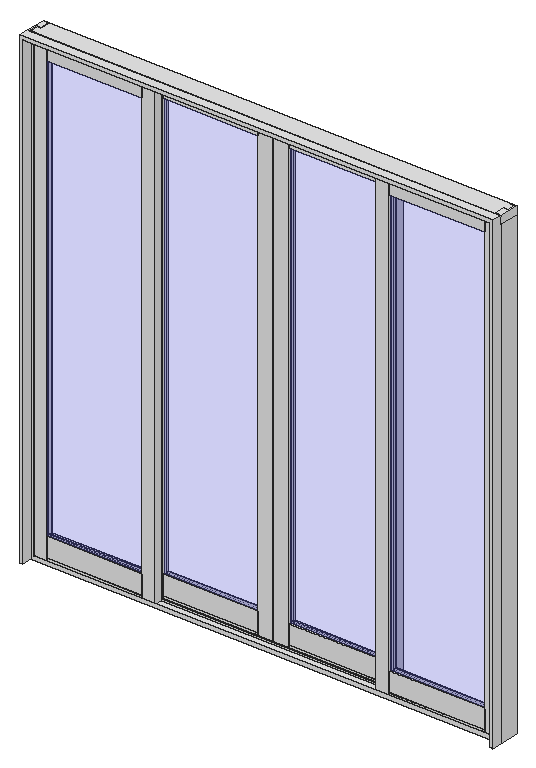
Revit family "Door-Sliding-All_Weather-Series_8100-Bi-Parting", category Doors, host Wall, Revit 2026 (continued)
Definition of nested family "Detail-All_Weather-Series_8100_Footer"
  Lines and regions (in)
    Masking region 14, in view "Ref. Level", visible <- "4 Track", detail levels medium+fine
      outline origin (6.06606, 0, 0) x (1, 0, 0) y (0, 1, 0)
        loop
          line (-0.93084, 1.89919) -> (-1.42083, 1.93387) -> (-1.42083, 2.15352) -> (-1.32145, 2.15352) -> (-1.32145, 2.26245) -> (-1.36115, 2.26245) -> (-1.36115, 2.21514) -> (-1.41085, 2.21514) -> (-1.41085, 2.4338) -> (-1.36115, 2.4338) -> (-1.36115, 2.38649) -> (-1.32145, 2.38649) -> (-1.32145, 2.49542) -> (-1.48047, 2.49542) -> (-1.48047, 2.09588) -> (-1.51292, 2.09588) -> (-1.52812, 2.14557) -> (-1.55998, 2.14557) -> (-1.55998, 2.0673)
          arc (-1.55998, 2.0673) -> (-1.55088, 2.04534) -> (-1.52892, 2.03624) r 0.03106
          line (-1.52892, 2.03624) -> (-1.48047, 2.03624) -> (-1.48047, 1.78106) -> (-1.43135, 1.78106) -> (-1.43135, 1.87424) -> (-1.37114, 1.87424) -> (-1.37114, 1.75) -> (-1.29163, 1.75) -> (-1.29163, 1.85498) -> (-0.94735, 1.83061) -> (-0.87419, 1.75) -> (-0.60646, 1.75) -> (-0.60646, 1.85004)
          arc (-0.60646, 1.85004) -> (-0.61686, 1.87036) -> (-0.63943, 1.87378) r 0.02503
          line (-0.63943, 1.87378) -> (-0.68569, 1.82752) -> (-0.74199, 1.82752)
          arc (-0.74199, 1.82752) -> (-0.76378, 1.83655) -> (-0.7728, 1.85833) r 0.03081
          line (-0.7728, 1.85833) -> (-0.7728, 2.04022)
          arc (-0.7728, 2.04022) -> (-0.76378, 2.062) -> (-0.74199, 2.07103) r 0.03081
          line (-0.74199, 2.07103) -> (-0.68569, 2.07103) -> (-0.64568, 2.03102)
          arc (-0.64568, 2.03102) -> (-0.61981, 2.02902) -> (-0.60627, 2.05115) r 0.02485
          line (-0.60627, 2.05115) -> (-0.60627, 2.18197) -> (-0.64593, 2.12532) -> (-0.69871, 2.12532) -> (-0.72313, 2.14973) -> (-0.72313, 2.37497) -> (-0.67417, 2.34069) -> (-0.67417, 2.39707) -> (-0.72311, 2.49542) -> (-0.89209, 2.49542) -> (-0.89209, 2.38649) -> (-0.85234, 2.38649) -> (-0.85234, 2.4338) -> (-0.80264, 2.4338)
        loop
          line (-0.16126, 2.4338) -> (-0.11157, 2.4338) -> (-0.11157, 2.38649) -> (-0.07181, 2.38649) -> (-0.07181, 2.49542) -> (-0.2408, 2.49542) -> (-0.28973, 2.39707) -> (-0.28973, 2.34069) -> (-0.24077, 2.37497) -> (-0.24077, 2.14973) -> (-0.26519, 2.12532) -> (-0.31797, 2.12532) -> (-0.35764, 2.18197) -> (-0.35764, 2.05115)
          arc (-0.35764, 2.05115) -> (-0.34409, 2.02902) -> (-0.31823, 2.03102) r 0.02485
          line (-0.31823, 2.03102) -> (-0.27822, 2.07103) -> (-0.22191, 2.07103)
          arc (-0.22191, 2.07103) -> (-0.20013, 2.062) -> (-0.1911, 2.04022) r 0.03081
          line (-0.1911, 2.04022) -> (-0.1911, 1.85833)
          arc (-0.1911, 1.85833) -> (-0.20013, 1.83655) -> (-0.22191, 1.82752) r 0.03081
          line (-0.22191, 1.82752) -> (-0.27822, 1.82752) -> (-0.32447, 1.87378)
          arc (-0.32447, 1.87378) -> (-0.34704, 1.87036) -> (-0.35745, 1.85004) r 0.02503
          line (-0.35745, 1.85004) -> (-0.35745, 1.75) -> (-0.08971, 1.75) -> (-0.01645, 1.83073) -> (0.33638, 1.86225) -> (0.33638, 1.75) -> (0.41589, 1.75) -> (0.41589, 1.87424) -> (0.46745, 1.87424) -> (0.46745, 1.78106) -> (0.51656, 1.78106) -> (0.51656, 1.93387) -> (0.41589, 1.93387) -> (0.41589, 2.15534) -> (0.47199, 2.15534) -> (0.48422, 2.10564) -> (0.51528, 2.10564) -> (0.51528, 2.49542) -> (0.35754, 2.49542) -> (0.35754, 2.38649) -> (0.39725, 2.38649) -> (0.39725, 2.4338) -> (0.44694, 2.4338) -> (0.44694, 2.21514) -> (0.39725, 2.21514) -> (0.39725, 2.26245) -> (0.35754, 2.26245) -> (0.35754, 1.93399) -> (-0.03315, 1.89908)
          arc (-0.03315, 1.89908) -> (-0.1626, 1.94048) -> (-0.03975, 1.99861) r 0.07305
          arc (-0.03975, 1.99861) -> (0.00239, 1.99997) -> (0.00103, 2.04212) r 0.02982
          arc (0.00103, 2.04212) -> (-0.04092, 2.0687) -> (-0.08971, 2.078) r 0.13269
          line (-0.08971, 2.078) -> (-0.08971, 2.14386) -> (-0.07181, 2.16942) -> (-0.07181, 2.26245) -> (-0.11157, 2.26245) -> (-0.11157, 2.21514) -> (-0.16126, 2.21514) -> (-0.16126, 2.4338)
    Masking region 15, in view "Ref. Level", visible <- "4 Track", detail levels fine
      outline origin (6.06749, 0, 0) x (1, 0, 0) y (0, 1, 0)
        loop
          line (-1.36155, 2.36305) -> (-1.36155, 2.4338) -> (-1.41125, 2.4338) -> (-1.41125, 2.21514) -> (-1.36155, 2.21514) -> (-1.36155, 2.28404) -> (-1.22601, 2.27665) -> (-1.22601, 2.3706) -> (-1.36155, 2.36305)
        loop
          line (0.39458, 2.36305) -> (0.25904, 2.3706) -> (0.25904, 2.27665) -> (0.39458, 2.28404) -> (0.39458, 2.21514) -> (0.44427, 2.21514) -> (0.44427, 2.4338) -> (0.39458, 2.4338) -> (0.39458, 2.36305)
    Masking region 16, in view "Ref. Level", visible <- "4 Track", detail levels fine
      outline origin (6.06606, 0, 0) x (1, 0, 0) y (0, 1, 0)
        loop
          line (-4.60627, 2.12834) -> (-4.60627, 2.05115)
          arc (-4.60627, 2.05115) -> (-4.61981, 2.02902) -> (-4.64568, 2.03102) r 0.02485
          line (-4.64568, 2.03102) -> (-4.68569, 2.07103) -> (-4.74199, 2.07103)
          arc (-4.74199, 2.07103) -> (-4.76378, 2.062) -> (-4.7728, 2.04022) r 0.03081
          line (-4.7728, 2.04022) -> (-4.7728, 1.85833)
          arc (-4.7728, 1.85833) -> (-4.76378, 1.83655) -> (-4.74199, 1.82752) r 0.03081
          line (-4.74199, 1.82752) -> (-4.68569, 1.82752) -> (-4.64568, 1.86753)
          arc (-4.64568, 1.86753) -> (-4.61981, 1.86953) -> (-4.60627, 1.8474) r 0.02485
          line (-4.60627, 1.8474) -> (-4.60627, 1.81581) -> (-4.35764, 1.81581) -> (-4.35764, 1.8474)
          arc (-4.35764, 1.8474) -> (-4.34409, 1.86953) -> (-4.31823, 1.86753) r 0.02485
          line (-4.31823, 1.86753) -> (-4.27822, 1.82752) -> (-4.22191, 1.82752)
          arc (-4.22191, 1.82752) -> (-4.20013, 1.83655) -> (-4.1911, 1.85833) r 0.03081
          line (-4.1911, 1.85833) -> (-4.1911, 2.04022)
          arc (-4.1911, 2.04022) -> (-4.20013, 2.062) -> (-4.22191, 2.07103) r 0.03081
          line (-4.22191, 2.07103) -> (-4.27822, 2.07103) -> (-4.31823, 2.03102)
          arc (-4.31823, 2.03102) -> (-4.34409, 2.02902) -> (-4.35764, 2.05115) r 0.02485
          line (-4.35764, 2.05115) -> (-4.35764, 2.12834) -> (-4.60627, 2.12834)
    Masking region 17, in view "Ref. Level", visible <- "4 Track", detail levels fine
      outline origin (6.06606, 0, 0) x (1, 0, 0) y (0, 1, 0)
        loop
          line (-4.30086, 2.2299) -> (-4.30086, 2.40314) -> (-4.37824, 2.53225) -> (-4.37824, 2.57578)
          arc (-4.37824, 2.57578) -> (-4.4826, 2.68014) -> (-4.58695, 2.57578) r 0.10436
          line (-4.58695, 2.57578) -> (-4.58695, 2.53225) -> (-4.66423, 2.40314) -> (-4.66423, 2.2299) -> (-4.70088, 2.2299) -> (-4.70088, 2.1592)
          arc (-4.70088, 2.1592) -> (-4.66765, 2.12596) -> (-4.63441, 2.1592) r 0.03323
          line (-4.63441, 2.1592) -> (-4.63441, 2.39229) -> (-4.55714, 2.5214) -> (-4.55714, 2.57578)
          arc (-4.55714, 2.57578) -> (-4.4826, 2.65032) -> (-4.40805, 2.57578) r 0.07454
          line (-4.40805, 2.57578) -> (-4.40805, 2.5214) -> (-4.33078, 2.39229) -> (-4.33078, 2.1592)
          arc (-4.33078, 2.1592) -> (-4.29754, 2.12596) -> (-4.26431, 2.1592) r 0.03323
          line (-4.26431, 2.1592) -> (-4.26431, 2.2299) -> (-4.30086, 2.2299)
  Dimensions and locks (in)
    "Height": plane 3 "Top" to plane 1 "Center (Front/Back)"
    "Thickness": plane 4 "Front" to plane 5
    Masking region 3 sketch curve to Masking region 3 sketch curve to Masking region 3 sketch curve to Masking region 3 sketch curve to Masking region 3 sketch curve to Masking region 3 sketch curve to Masking region 3 sketch curve to Masking region 3 sketch curve = 0' - 0.04969" locked, 0' - 0" locked, 0' - 0.13554" locked, 0' - 1.48505" locked, 0' - 0.13554" locked, 0' - 0" locked, 0' - 0.04969" locked
    plane 3 "Top" to Masking region 3 sketch curve to Masking region 3 sketch curve to Masking region 3 sketch curve to Masking region 3 sketch curve to Masking region 3 sketch curve to Masking region 3 sketch curve to Masking region 3 sketch curve to Masking region 3 sketch curve to Masking region 3 sketch curve to Masking region 3 sketch curve to Masking region 3 sketch curve to Masking region 3 sketch curve = 0' - 0.0662" locked, 0' - 0" locked, 0' - 0.06321" locked, 0' - 0" locked, 0' - 0.00755" locked, 0' - 0" locked, 0' - 0.07901" locked, 0' - 0" locked, 0' - 0.00739" locked, 0' - 0" locked, 0' - 0.06151" locked, 0' - 0" locked
    locked: plane 6 to plane 5 at 1
    Masking region 1 sketch curve to Masking region 1 sketch curve to Masking region 1 sketch curve to plane 4 "Front" to Masking region 1 sketch curve to Masking region 1 sketch curve to Masking region 1 sketch curve to Masking region 1 sketch curve to Masking region 1 sketch curve to Masking region 1 sketch curve to Masking region 1 sketch curve to Masking region 1 sketch curve to Masking region 1 sketch curve to Masking region 1 sketch curve to Masking region 1 sketch curve to Masking region 1 sketch curve to Masking region 1 sketch curve to Masking region 1 sketch curve to Masking region 1 sketch curve to Masking region 1 sketch curve to Masking region 1 sketch curve to Masking region 1 sketch curve to Masking region 1 sketch curve to Masking region 1 sketch curve to Masking region 1 sketch curve to Masking region 1 sketch curve to Masking region 1 sketch curve to Masking region 1 sketch curve to Masking region 1 sketch curve to Masking region 1 sketch curve to Masking region 1 sketch curve to Masking region 1 sketch curve to Masking region 1 sketch curve to Masking region 1 sketch curve to Masking region 1 sketch curve to Masking region 1 sketch curve to Masking region 1 sketch curve to Masking region 1 sketch curve to Masking region 1 sketch curve to Masking region 1 sketch curve to Masking region 1 sketch curve to Masking region 1 sketch curve to Masking region 1 sketch curve to Masking region 1 sketch curve to Masking region 1 sketch curve to Masking region 1 sketch curve to Masking region 1 sketch curve to Masking region 1 sketch curve to Masking region 1 sketch curve to Masking region 1 sketch curve to Masking region 1 sketch curve to Masking region 1 sketch curve to Masking region 1 sketch curve to Masking region 1 sketch curve to Masking region 1 sketch curve to Masking region 1 sketch curve to Masking region 1 sketch curve to Masking region 1 sketch curve to Masking region 1 sketch curve to Masking region 1 sketch curve to Masking region 1 sketch curve to Masking region 1 sketch curve to Masking region 1 sketch curve to Masking region 1 sketch curve to Masking region 1 sketch curve to Masking region 1 sketch curve to Masking region 1 sketch curve to Masking region 1 sketch curve to Masking region 1 sketch curve to Masking region 1 sketch curve to Masking region 1 sketch curve to Masking region 1 sketch curve to Masking region 1 sketch curve to Masking region 1 sketch curve to Masking region 1 sketch curve to Masking region 1 sketch curve to Masking region 1 sketch curve to Masking region 1 sketch curve = 0' - 0.03106" locked, 0' - 0.016" locked, 0' - 0.02464", 0' - 0 1/128", 0' - 0" locked, 0' - 0.04912", 0' - 0.01052" locked, 0' - 0.00999" locked, 0' - 0.03971" locked, 0' - 0.00999" locked, 0' - 0" locked, 0' - 0.03971" locked, 0' - 0" locked, 0' - 0.02982" locked, 0' - 0.31727" locked, 0' - 0.02701" locked, 0' - 0.01651" locked, 0' - 0.03874" locked, 0' - 0" locked, 0' - 0.0179" locked, 0' - 0" locked, 0' - 0.02185" locked, 0' - 0" locked, 0' - 0.04969" locked, 0' - 0.0015" locked, 0' - 0.02834" locked, 0' - 0.03081" locked, 0' - 0" locked, 0' - 0.01886" locked, 0' - 0.00002" locked, 0' - 0.02439" locked, 0' - 0.01303" locked, 0' - 0" locked, 0' - 0.01152" locked, 0' - 0.02823" locked, 0' - 0.00026" locked, 0' - 0.00625" locked, 0' - 0.03297" locked, 0' - 0.00019" locked, 0' - 0.24863" locked, 0' - 0.00019" locked, 0' - 0.03297" locked, 0' - 0.00625" locked, 0' - 0.00026" locked, 0' - 0.02823" locked, 0' - 0.01152" locked, 0' - 0" locked, 0' - 0.01303" locked, 0' - 0.02439" locked, 0' - 0.00002" locked, 0' - 0.01886" locked, 0' - 0" locked, 0' - 0.03081" locked, 0' - 0.02834" locked, 0' - 0.0015" locked, 0' - 0.04969" locked, 0' - 0" locked, 0' - 0.02185" locked, 0' - 0" locked, 0' - 0.0179" locked, 0' - 0" locked, 0' - 0.03206" locked, 0' - 0.02331" locked, 0' - 0.01748" locked, 0' - 0.33534" locked, 0' - 0.02116" locked, 0' - 0" locked, 0' - 0.03971" locked, 0' - 0" locked, 0' - 0.01864" locked, 0' - 0" locked, 0' - 0.03106" locked, 0' - 0.0205" locked, 0' - 0.00454", 0' - 0.01223", 0' - 0.03106", 0' - 0.00129"
    plane 1 "Center (Front/Back)" to Masking region 1 sketch curve to Masking region 1 sketch curve to Masking region 1 sketch curve to Masking region 1 sketch curve to Masking region 1 sketch curve to Masking region 1 sketch curve to Masking region 1 sketch curve to Masking region 1 sketch curve to Masking region 1 sketch curve to Masking region 1 sketch curve to Masking region 1 sketch curve to Masking region 1 sketch curve to Masking region 1 sketch curve to Masking region 1 sketch curve to Masking region 1 sketch curve to Masking region 1 sketch curve to Masking region 1 sketch curve to Masking region 1 sketch curve to Masking region 1 sketch curve to Masking region 1 sketch curve to Masking region 1 sketch curve to Masking region 1 sketch curve to Masking region 1 sketch curve to Masking region 1 sketch curve to Masking region 1 sketch curve to Masking region 1 sketch curve to Masking region 1 sketch curve to Masking region 1 sketch curve to Masking region 1 sketch curve to Masking region 1 sketch curve to Masking region 1 sketch curve to Masking region 1 sketch curve to Masking region 1 sketch curve to Masking region 1 sketch curve to Masking region 1 sketch curve to Masking region 1 sketch curve to Masking region 1 sketch curve to Masking region 1 sketch curve to Masking region 1 sketch curve to Masking region 1 sketch curve to Masking region 1 sketch curve to Masking region 1 sketch curve to Masking region 1 sketch curve to Masking region 1 sketch curve to Masking region 1 sketch curve to Masking region 1 sketch curve to Masking region 1 sketch curve to Masking region 1 sketch curve to Masking region 1 sketch curve to Masking region 1 sketch curve to Masking region 1 sketch curve to Masking region 1 sketch curve to Masking region 1 sketch curve to Masking region 1 sketch curve to Masking region 1 sketch curve to Masking region 1 sketch curve to Masking region 1 sketch curve to Masking region 1 sketch curve to Masking region 1 sketch curve to Masking region 1 sketch curve to Masking region 1 sketch curve to Masking region 1 sketch curve to Masking region 1 sketch curve to Masking region 1 sketch curve to Masking region 1 sketch curve to Masking region 1 sketch curve to Masking region 1 sketch curve to Masking region 1 sketch curve to Masking region 1 sketch curve to Masking region 1 sketch curve to Masking region 1 sketch curve to Masking region 1 sketch curve to Masking region 1 sketch curve to Masking region 1 sketch curve to Masking region 1 sketch curve to Masking region 1 sketch curve to Masking region 1 sketch curve to Masking region 1 sketch curve to Masking region 1 sketch curve to Masking region 1 sketch curve to Masking region 1 sketch curve to Masking region 1 sketch curve to Masking region 1 sketch curve = 0' - 0" locked, 0' - 0" locked, 0' - 0" locked, 0' - 0" locked, 0' - 0.03106" locked, 0' - 0" locked, 0' - 0.04646" locked, 0' - 0" locked, 0' - 0.00309" locked, 0' - 0.00012" locked, 0' - 0.01931" locked, 0' - 0" locked, 0' - 0.00494" locked, 0' - 0.00336" locked, 0' - 0" locked, 0' - 0 1/256" locked, 0' - 0.01154" locked, 0' - 0" locked, 0' - 0.00046" locked, 0' - 0" locked, 0' - 0.02485" locked, 0' - 0.0001" locked, 0' - 0.03468" locked, 0' - 0" locked, 0' - 0.00011" locked, 0' - 0.06462" locked, 0' - 0" locked, 0' - 0.03241" locked, 0' - 0" locked, 0' - 0.00522" locked, 0' - 0.00398" locked, 0' - 0" locked, 0' - 0.0019" locked, 0' - 0" locked, 0' - 0.00903" locked, 0' - 0" locked, 0' - 0.01615" locked, 0' - 0.00373" locked, 0' - 0" locked, 0' - 0" locked, 0' - 0.00697" locked, 0' - 0" locked, 0' - 0.01788" locked, 0' - 0.00977" locked, 0' - 0.01967" locked, 0' - 0" locked, 0' - 0.01854" locked, 0' - 0" locked, 0' - 0.00171" locked, 0' - 0.00416" locked, 0' - 0" locked, 0' - 0.00379" locked, 0' - 0.00181" locked, 0' - 0.01409" locked, 0' - 0" locked, 0' - 0.01254" locked, 0' - 0" locked, 0' - 0.03318" locked, 0' - 0", 0' - 0", 0' - 0" locked, 0' - 0.04731" locked, 0' - 0" locked, 0' - 0" locked, 0' - 0" locked, 0' - 0.07824" locked, 0' - 0" locked, 0' - 0.03428" locked, 0' - 0" locked, 0' - 0.01152" locked, 0' - 0" locked, 0' - 0" locked, 0' - 0" locked, 0' - 0.01058" locked, 0' - 0" locked, 0' - 0.03673" locked, 0' - 0", 0' - 0", 0' - 0" locked, 0' - 0.06162" locked, 0' - 0" locked, 0' - 0" locked, 0' - 0" locked
    plane 4 "Front" to Masking region 5 sketch curve to Masking region 5 sketch curve to Masking region 5 sketch curve to Masking region 5 sketch curve to Masking region 5 sketch curve to Masking region 5 sketch curve to Masking region 5 sketch curve to Masking region 5 sketch curve to Masking region 5 sketch curve to Masking region 5 sketch curve = 0' - 0.7874", 0' - 0.03665" locked, 0' - 0.02982" locked, 0' - 0.04746" locked, 0' - 0.02982" locked, 0' - 0.14908" locked, 0' - 0.02982" locked, 0' - 0.04746" locked, 0' - 0.02992" locked, 0' - 0.03655" locked
    Masking region 5 sketch curve to Masking region 5 sketch curve to Masking region 5 sketch curve to Masking region 5 sketch curve to Masking region 5 sketch curve to Masking region 5 sketch curve to plane 3 "Top" to Masking region 5 sketch curve to Masking region 5 sketch curve to Masking region 5 sketch curve to Masking region 5 sketch curve to Masking region 5 sketch curve to Masking region 5 sketch curve to Masking region 5 sketch curve to Masking region 5 sketch curve = 0' - 0.02982" locked, 0' - 0.11807" locked, 0' - 0" locked, 0' - 0.01085" locked, 0' - 0" locked, 0' - 0.0214" locked, 0' - 0.09686" locked, 0' - 0" locked, 0' - 0.01085" locked, 0' - 0" locked, 0' - 0.16238" locked, 0' - 0" locked, 0' - 0.10394" locked, 0' - 0" locked
    plane 3 "Top" to Masking region 4 sketch curve to Masking region 4 sketch curve to Masking region 4 sketch curve to Masking region 4 sketch curve to Masking region 4 sketch curve to Masking region 4 sketch curve to Masking region 4 sketch curve to Masking region 4 sketch curve to Masking region 4 sketch curve to Masking region 4 sketch curve to Masking region 4 sketch curve to Masking region 4 sketch curve to Masking region 4 sketch curve to Masking region 4 sketch curve = 0' - 0.37166" locked, 0' - 0.05731" locked, 0' - 0" locked, 0' - 0.03081" locked, 0' - 0" locked, 0' - 0.01391" locked, 0' - 0" locked, 0' - 0.15405" locked, 0' - 0" locked, 0' - 0.01391" locked, 0' - 0" locked, 0' - 0.03081" locked, 0' - 0" locked, 0' - 0 3/256" locked
    plane 4 "Front" to Masking region 4 sketch curve to Masking region 4 sketch curve to Masking region 4 sketch curve to Masking region 4 sketch curve to Masking region 4 sketch curve to Masking region 4 sketch curve to Masking region 4 sketch curve to Masking region 4 sketch curve to Masking region 4 sketch curve to Masking region 4 sketch curve to Masking region 4 sketch curve to Masking region 4 sketch curve to Masking region 4 sketch curve to Masking region 4 sketch curve to Masking region 4 sketch curve to Masking region 4 sketch curve to Masking region 4 sketch curve to Masking region 4 sketch curve = 0' - 0.71548", 0' - 0.03081" locked, 0' - 0" locked, 0' - 0.0563" locked, 0' - 0" locked, 0' - 0.04001" locked, 0' - 0" locked, 0' - 0.03941" locked, 0' - 0" locked, 0' - 0.24863" locked, 0' - 0" locked, 0' - 0.03941" locked, 0' - 0" locked, 0' - 0.04001" locked, 0' - 0" locked, 0' - 0.0563" locked, 0' - 0" locked, 0' - 0.03081" locked
    Masking region 7 sketch curve to Masking region 7 sketch curve to Masking region 7 sketch curve to Masking region 7 sketch curve to Masking region 7 sketch curve to Masking region 7 sketch curve to Masking region 7 sketch curve to Masking region 7 sketch curve = 0' - 0.04969" locked, 0' - 0" locked, 0' - 0.13554" locked, 0' - 1.48505" locked, 0' - 0.13554" locked, 0' - 0" locked, 0' - 0.04969" locked
    Masking region 7 sketch curve to Masking region 7 sketch curve to Masking region 7 sketch curve to Masking region 7 sketch curve to Masking region 7 sketch curve to Masking region 7 sketch curve to Masking region 7 sketch curve to Masking region 7 sketch curve to Masking region 7 sketch curve to Masking region 7 sketch curve to Masking region 7 sketch curve to Masking region 7 sketch curve = 0' - 0" locked, 0' - 0.06321" locked, 0' - 0" locked, 0' - 0.00755" locked, 0' - 0" locked, 0' - 0.07901" locked, 0' - 0" locked, 0' - 0.00739" locked, 0' - 0" locked, 0' - 0.06151" locked, 0' - 0" locked
    Masking region 6 sketch curve to Masking region 6 sketch curve to Masking region 6 sketch curve to Masking region 6 sketch curve to Masking region 6 sketch curve to Masking region 6 sketch curve to Masking region 6 sketch curve to Masking region 6 sketch curve to Masking region 6 sketch curve to Masking region 6 sketch curve to Masking region 6 sketch curve to Masking region 6 sketch curve to Masking region 6 sketch curve to Masking region 6 sketch curve to Masking region 6 sketch curve to Masking region 6 sketch curve to Masking region 6 sketch curve to Masking region 6 sketch curve to Masking region 6 sketch curve to Masking region 6 sketch curve to Masking region 6 sketch curve to Masking region 6 sketch curve to Masking region 6 sketch curve to Masking region 6 sketch curve to Masking region 6 sketch curve to Masking region 6 sketch curve to Masking region 6 sketch curve to Masking region 6 sketch curve to Masking region 6 sketch curve to Masking region 6 sketch curve to Masking region 6 sketch curve to Masking region 6 sketch curve to Masking region 6 sketch curve to Masking region 6 sketch curve to Masking region 6 sketch curve to Masking region 6 sketch curve to Masking region 6 sketch curve to Masking region 6 sketch curve to Masking region 6 sketch curve to Masking region 6 sketch curve to Masking region 6 sketch curve to Masking region 6 sketch curve to Masking region 6 sketch curve to Masking region 6 sketch curve to Masking region 6 sketch curve to Masking region 6 sketch curve to Masking region 6 sketch curve to Masking region 6 sketch curve to Masking region 6 sketch curve to Masking region 6 sketch curve to Masking region 6 sketch curve to Masking region 6 sketch curve to Masking region 6 sketch curve to Masking region 6 sketch curve to Masking region 6 sketch curve to Masking region 6 sketch curve to Masking region 6 sketch curve to Masking region 6 sketch curve to Masking region 6 sketch curve to Masking region 6 sketch curve to Masking region 6 sketch curve to Masking region 6 sketch curve to Masking region 6 sketch curve to Masking region 6 sketch curve to Masking region 6 sketch curve to Masking region 6 sketch curve to Masking region 6 sketch curve to Masking region 6 sketch curve to Masking region 6 sketch curve to Masking region 6 sketch curve to Masking region 6 sketch curve to Masking region 6 sketch curve to Masking region 6 sketch curve to Masking region 6 sketch curve to Masking region 6 sketch curve to Masking region 6 sketch curve to Masking region 6 sketch curve = 0' - 0.03106" locked, 0' - 0.016" locked, 0' - 0.03246" locked, 0' - 0" locked, 0' - 0.04912", 0' - 0.01052" locked, 0' - 0.00999" locked, 0' - 0.03971" locked, 0' - 0.00999" locked, 0' - 0" locked, 0' - 0.03971" locked, 0' - 0" locked, 0' - 0.02982" locked, 0' - 0.31727" locked, 0' - 0.02701" locked, 0' - 0.01651" locked, 0' - 0.03874" locked, 0' - 0" locked, 0' - 0.0179" locked, 0' - 0" locked, 0' - 0.02185" locked, 0' - 0" locked, 0' - 0.04969" locked, 0' - 0.0015" locked, 0' - 0.02834" locked, 0' - 0.03081" locked, 0' - 0" locked, 0' - 0.01886" locked, 0' - 0.00002" locked, 0' - 0.02439" locked, 0' - 0.01303" locked, 0' - 0" locked, 0' - 0.01152" locked, 0' - 0.02823" locked, 0' - 0.00026" locked, 0' - 0.00625" locked, 0' - 0.03297" locked, 0' - 0.00019" locked, 0' - 0.24863" locked, 0' - 0.00019" locked, 0' - 0.03297" locked, 0' - 0.00625" locked, 0' - 0.00026" locked, 0' - 0.02823" locked, 0' - 0.01152" locked, 0' - 0" locked, 0' - 0.01303" locked, 0' - 0.02439" locked, 0' - 0.00002" locked, 0' - 0.01886" locked, 0' - 0" locked, 0' - 0.03081" locked, 0' - 0.02834" locked, 0' - 0.0015" locked, 0' - 0.04969" locked, 0' - 0" locked, 0' - 0.02185" locked, 0' - 0" locked, 0' - 0.0179" locked, 0' - 0" locked, 0' - 0.03206" locked, 0' - 0.02331" locked, 0' - 0.01748" locked, 0' - 0.33534" locked, 0' - 0.02116" locked, 0' - 0" locked, 0' - 0.03971" locked, 0' - 0" locked, 0' - 0.01864" locked, 0' - 0" locked, 0' - 0.03106" locked, 0' - 0.0205" locked, 0' - 0.00454", 0' - 0.01223", 0' - 0.03106", 0' - 0.00129"
    Masking region 6 sketch curve to Masking region 6 sketch curve to Masking region 6 sketch curve to Masking region 6 sketch curve to Masking region 6 sketch curve to Masking region 6 sketch curve to Masking region 6 sketch curve to Masking region 6 sketch curve to Masking region 6 sketch curve to Masking region 6 sketch curve to Masking region 6 sketch curve to Masking region 6 sketch curve to Masking region 6 sketch curve to Masking region 6 sketch curve to Masking region 6 sketch curve to Masking region 6 sketch curve to Masking region 6 sketch curve to Masking region 6 sketch curve to Masking region 6 sketch curve to Masking region 6 sketch curve to Masking region 6 sketch curve to Masking region 6 sketch curve to Masking region 6 sketch curve to Masking region 6 sketch curve to Masking region 6 sketch curve to Masking region 6 sketch curve to Masking region 6 sketch curve to Masking region 6 sketch curve to Masking region 6 sketch curve to Masking region 6 sketch curve to Masking region 6 sketch curve to Masking region 6 sketch curve to Masking region 6 sketch curve to Masking region 6 sketch curve to Masking region 6 sketch curve to Masking region 6 sketch curve to Masking region 6 sketch curve to Masking region 6 sketch curve to Masking region 6 sketch curve to Masking region 6 sketch curve to Masking region 6 sketch curve to Masking region 6 sketch curve to Masking region 6 sketch curve to Masking region 6 sketch curve to Masking region 6 sketch curve to Masking region 6 sketch curve to Masking region 6 sketch curve to Masking region 6 sketch curve to Masking region 6 sketch curve to Masking region 6 sketch curve to Masking region 6 sketch curve to Masking region 6 sketch curve to Masking region 6 sketch curve to Masking region 6 sketch curve to Masking region 6 sketch curve to Masking region 6 sketch curve to Masking region 6 sketch curve to Masking region 6 sketch curve to Masking region 6 sketch curve to Masking region 6 sketch curve to Masking region 6 sketch curve to Masking region 6 sketch curve to Masking region 6 sketch curve to Masking region 6 sketch curve to Masking region 6 sketch curve to Masking region 6 sketch curve to Masking region 6 sketch curve to Masking region 6 sketch curve to Masking region 6 sketch curve to Masking region 6 sketch curve to Masking region 6 sketch curve to Masking region 6 sketch curve to Masking region 6 sketch curve to Masking region 6 sketch curve to Masking region 6 sketch curve to Masking region 6 sketch curve to Masking region 6 sketch curve to Masking region 6 sketch curve to Masking region 6 sketch curve to Masking region 6 sketch curve to Masking region 6 sketch curve to Masking region 6 sketch curve to Masking region 6 sketch curve = 0' - 0" locked, 0' - 0" locked, 0' - 0" locked, 0' - 0.03106" locked, 0' - 0" locked, 0' - 0.04646" locked, 0' - 0" locked, 0' - 0.00309" locked, 0' - 0.00012" locked, 0' - 0.01931" locked, 0' - 0" locked, 0' - 0.00494" locked, 0' - 0.00336" locked, 0' - 0" locked, 0' - 0 1/256" locked, 0' - 0.01154" locked, 0' - 0" locked, 0' - 0.00046" locked, 0' - 0" locked, 0' - 0.02485" locked, 0' - 0.0001" locked, 0' - 0.03468" locked, 0' - 0" locked, 0' - 0.00011" locked, 0' - 0.06462" locked, 0' - 0" locked, 0' - 0.03241" locked, 0' - 0" locked, 0' - 0.00522" locked, 0' - 0.00398" locked, 0' - 0" locked, 0' - 0.0019" locked, 0' - 0" locked, 0' - 0.00903" locked, 0' - 0" locked, 0' - 0.01615" locked, 0' - 0.00373" locked, 0' - 0" locked, 0' - 0" locked, 0' - 0.00697" locked, 0' - 0" locked, 0' - 0.01788" locked, 0' - 0.00977" locked, 0' - 0.01967" locked, 0' - 0" locked, 0' - 0.01854" locked, 0' - 0" locked, 0' - 0.00171" locked, 0' - 0.00416" locked, 0' - 0" locked, 0' - 0.00379" locked, 0' - 0.00181" locked, 0' - 0.01409" locked, 0' - 0" locked, 0' - 0.01254" locked, 0' - 0" locked, 0' - 0.03318" locked, 0' - 0", 0' - 0", 0' - 0" locked, 0' - 0.04731" locked, 0' - 0" locked, 0' - 0" locked, 0' - 0" locked, 0' - 0.07824" locked, 0' - 0" locked, 0' - 0.03428" locked, 0' - 0" locked, 0' - 0.01152" locked, 0' - 0" locked, 0' - 0" locked, 0' - 0" locked, 0' - 0.01058" locked, 0' - 0" locked, 0' - 0.03673" locked, 0' - 0", 0' - 0", 0' - 0" locked, 0' - 0.06162" locked, 0' - 0" locked, 0' - 0" locked, 0' - 0" locked
    Masking region 9 sketch curve to Masking region 9 sketch curve to Masking region 9 sketch curve to Masking region 9 sketch curve to Masking region 9 sketch curve to Masking region 9 sketch curve to Masking region 9 sketch curve to Masking region 9 sketch curve to Masking region 9 sketch curve to Masking region 9 sketch curve = 0' - 0.03665" locked, 0' - 0.02982" locked, 0' - 0.04746" locked, 0' - 0.02982" locked, 0' - 0.14908" locked, 0' - 0.02982" locked, 0' - 0.04746" locked, 0' - 0.02992" locked, 0' - 0.03655" locked
    Masking region 9 sketch curve to Masking region 9 sketch curve to Masking region 9 sketch curve to Masking region 9 sketch curve to Masking region 9 sketch curve to Masking region 9 sketch curve to Masking region 9 sketch curve to Masking region 9 sketch curve to Masking region 9 sketch curve to Masking region 9 sketch curve to Masking region 9 sketch curve to Masking region 9 sketch curve to Masking region 9 sketch curve to Masking region 9 sketch curve = 0' - 0.02982" locked, 0' - 0.11807" locked, 0' - 0" locked, 0' - 0.01085" locked, 0' - 0" locked, 0' - 0.11826", 0' - 0" locked, 0' - 0.01085" locked, 0' - 0" locked, 0' - 0.16238" locked, 0' - 0" locked, 0' - 0.10394" locked, 0' - 0" locked
    Masking region 8 sketch curve to Masking region 8 sketch curve to Masking region 8 sketch curve to Masking region 8 sketch curve to Masking region 8 sketch curve to Masking region 8 sketch curve to Masking region 8 sketch curve to Masking region 8 sketch curve to Masking region 8 sketch curve to Masking region 8 sketch curve to Masking region 8 sketch curve to Masking region 8 sketch curve to Masking region 8 sketch curve to Masking region 8 sketch curve = 0' - 0.05731" locked, 0' - 0" locked, 0' - 0.03081" locked, 0' - 0" locked, 0' - 0.01391" locked, 0' - 0" locked, 0' - 0.15405" locked, 0' - 0" locked, 0' - 0.01391" locked, 0' - 0" locked, 0' - 0.03081" locked, 0' - 0" locked, 0' - 0 3/256" locked
    Masking region 8 sketch curve to Masking region 8 sketch curve to Masking region 8 sketch curve to Masking region 8 sketch curve to Masking region 8 sketch curve to Masking region 8 sketch curve to Masking region 8 sketch curve to Masking region 8 sketch curve to Masking region 8 sketch curve to Masking region 8 sketch curve to Masking region 8 sketch curve to Masking region 8 sketch curve to Masking region 8 sketch curve to Masking region 8 sketch curve to Masking region 8 sketch curve to Masking region 8 sketch curve to Masking region 8 sketch curve to Masking region 8 sketch curve = 0' - 0.03081" locked, 0' - 0" locked, 0' - 0.0563" locked, 0' - 0" locked, 0' - 0.04001" locked, 0' - 0" locked, 0' - 0.03941" locked, 0' - 0" locked, 0' - 0.24863" locked, 0' - 0" locked, 0' - 0.03941" locked, 0' - 0" locked, 0' - 0.04001" locked, 0' - 0" locked, 0' - 0.0563" locked, 0' - 0" locked, 0' - 0.03081" locked
    Masking region 11 sketch curve to Masking region 11 sketch curve to Masking region 11 sketch curve to Masking region 11 sketch curve to Masking region 11 sketch curve to Masking region 11 sketch curve to Masking region 11 sketch curve to Masking region 11 sketch curve = 0' - 0.04969" locked, 0' - 0" locked, 0' - 0.13554" locked, 0' - 1.48505" locked, 0' - 0.13554" locked, 0' - 0" locked, 0' - 0.04969" locked
    Masking region 11 sketch curve to Masking region 11 sketch curve to Masking region 11 sketch curve to Masking region 11 sketch curve to Masking region 11 sketch curve to Masking region 11 sketch curve to Masking region 11 sketch curve to Masking region 11 sketch curve to Masking region 11 sketch curve to Masking region 11 sketch curve to Masking region 11 sketch curve to Masking region 11 sketch curve = 0' - 0" locked, 0' - 0.06321" locked, 0' - 0" locked, 0' - 0.00755" locked, 0' - 0" locked, 0' - 0.07901" locked, 0' - 0" locked, 0' - 0.00739" locked, 0' - 0" locked, 0' - 0.06151" locked, 0' - 0" locked
    Masking region 10 sketch curve to Masking region 10 sketch curve to Masking region 10 sketch curve to Masking region 10 sketch curve to Masking region 10 sketch curve to Masking region 10 sketch curve to Masking region 10 sketch curve to Masking region 10 sketch curve to Masking region 10 sketch curve to Masking region 10 sketch curve to Masking region 10 sketch curve to Masking region 10 sketch curve to Masking region 10 sketch curve to Masking region 10 sketch curve to Masking region 10 sketch curve to Masking region 10 sketch curve to Masking region 10 sketch curve to Masking region 10 sketch curve to Masking region 10 sketch curve to Masking region 10 sketch curve to Masking region 10 sketch curve to Masking region 10 sketch curve to Masking region 10 sketch curve to Masking region 10 sketch curve to Masking region 10 sketch curve to Masking region 10 sketch curve to Masking region 10 sketch curve to Masking region 10 sketch curve to Masking region 10 sketch curve to Masking region 10 sketch curve to Masking region 10 sketch curve to Masking region 10 sketch curve to Masking region 10 sketch curve to Masking region 10 sketch curve to Masking region 10 sketch curve to Masking region 10 sketch curve to Masking region 10 sketch curve to Masking region 10 sketch curve to Masking region 10 sketch curve to Masking region 10 sketch curve to Masking region 10 sketch curve to Masking region 10 sketch curve to Masking region 10 sketch curve to Masking region 10 sketch curve to Masking region 10 sketch curve to Masking region 10 sketch curve to Masking region 10 sketch curve to Masking region 10 sketch curve to Masking region 10 sketch curve to Masking region 10 sketch curve to Masking region 10 sketch curve to Masking region 10 sketch curve to Masking region 10 sketch curve to Masking region 10 sketch curve to Masking region 10 sketch curve to Masking region 10 sketch curve to Masking region 10 sketch curve to Masking region 10 sketch curve to Masking region 10 sketch curve to Masking region 10 sketch curve to Masking region 10 sketch curve to Masking region 10 sketch curve to Masking region 10 sketch curve to Masking region 10 sketch curve to Masking region 10 sketch curve to Masking region 10 sketch curve to Masking region 10 sketch curve to Masking region 10 sketch curve to Masking region 10 sketch curve to Masking region 10 sketch curve to Masking region 10 sketch curve to Masking region 10 sketch curve to Masking region 10 sketch curve to Masking region 10 sketch curve to Masking region 10 sketch curve to Masking region 10 sketch curve to Masking region 10 sketch curve = 0' - 0.03106" locked, 0' - 0.016" locked, 0' - 0.03246" locked, 0' - 0" locked, 0' - 0.04912", 0' - 0.01052" locked, 0' - 0.00999" locked, 0' - 0.03971" locked, 0' - 0.00999" locked, 0' - 0" locked, 0' - 0.03971" locked, 0' - 0" locked, 0' - 0.02982" locked, 0' - 0.31727" locked, 0' - 0.02701" locked, 0' - 0.01651" locked, 0' - 0.03874" locked, 0' - 0" locked, 0' - 0.0179" locked, 0' - 0" locked, 0' - 0.02185" locked, 0' - 0" locked, 0' - 0.04969" locked, 0' - 0.0015" locked, 0' - 0.02834" locked, 0' - 0.03081" locked, 0' - 0" locked, 0' - 0.01886" locked, 0' - 0.00002" locked, 0' - 0.02439" locked, 0' - 0.01303" locked, 0' - 0" locked, 0' - 0.01152" locked, 0' - 0.02823" locked, 0' - 0.00026" locked, 0' - 0.00625" locked, 0' - 0.03297" locked, 0' - 0.00019" locked, 0' - 0.24863" locked, 0' - 0.00019" locked, 0' - 0.03297" locked, 0' - 0.00625" locked, 0' - 0.00026" locked, 0' - 0.02823" locked, 0' - 0.01152" locked, 0' - 0" locked, 0' - 0.01303" locked, 0' - 0.02439" locked, 0' - 0.00002" locked, 0' - 0.01886" locked, 0' - 0" locked, 0' - 0.03081" locked, 0' - 0.02834" locked, 0' - 0.0015" locked, 0' - 0.04969" locked, 0' - 0" locked, 0' - 0.02185" locked, 0' - 0" locked, 0' - 0.0179" locked, 0' - 0" locked, 0' - 0.03206" locked, 0' - 0.02331" locked, 0' - 0.01748" locked, 0' - 0.33534" locked, 0' - 0.02116" locked, 0' - 0" locked, 0' - 0.03971" locked, 0' - 0" locked, 0' - 0.01864" locked, 0' - 0" locked, 0' - 0.03106" locked, 0' - 0.0205" locked, 0' - 0.00454", 0' - 0.01223", 0' - 0.03106", 0' - 0.00129"
    Masking region 10 sketch curve to Masking region 10 sketch curve to Masking region 10 sketch curve to Masking region 10 sketch curve to Masking region 10 sketch curve to Masking region 10 sketch curve to Masking region 10 sketch curve to Masking region 10 sketch curve to Masking region 10 sketch curve to Masking region 10 sketch curve to Masking region 10 sketch curve to Masking region 10 sketch curve to Masking region 10 sketch curve to Masking region 10 sketch curve to Masking region 10 sketch curve to Masking region 10 sketch curve to Masking region 10 sketch curve to Masking region 10 sketch curve to Masking region 10 sketch curve to Masking region 10 sketch curve to Masking region 10 sketch curve to Masking region 10 sketch curve to Masking region 10 sketch curve to Masking region 10 sketch curve to Masking region 10 sketch curve to Masking region 10 sketch curve to Masking region 10 sketch curve to Masking region 10 sketch curve to Masking region 10 sketch curve to Masking region 10 sketch curve to Masking region 10 sketch curve to Masking region 10 sketch curve to Masking region 10 sketch curve to Masking region 10 sketch curve to Masking region 10 sketch curve to Masking region 10 sketch curve to Masking region 10 sketch curve to Masking region 10 sketch curve to Masking region 10 sketch curve to Masking region 10 sketch curve to Masking region 10 sketch curve to Masking region 10 sketch curve to Masking region 10 sketch curve to Masking region 10 sketch curve to Masking region 10 sketch curve to Masking region 10 sketch curve to Masking region 10 sketch curve to Masking region 10 sketch curve to Masking region 10 sketch curve to Masking region 10 sketch curve to Masking region 10 sketch curve to Masking region 10 sketch curve to Masking region 10 sketch curve to Masking region 10 sketch curve to Masking region 10 sketch curve to Masking region 10 sketch curve to Masking region 10 sketch curve to Masking region 10 sketch curve to Masking region 10 sketch curve to Masking region 10 sketch curve to Masking region 10 sketch curve to Masking region 10 sketch curve to Masking region 10 sketch curve to Masking region 10 sketch curve to Masking region 10 sketch curve to Masking region 10 sketch curve to Masking region 10 sketch curve to Masking region 10 sketch curve to Masking region 10 sketch curve to Masking region 10 sketch curve to Masking region 10 sketch curve to Masking region 10 sketch curve to Masking region 10 sketch curve to Masking region 10 sketch curve to Masking region 10 sketch curve to Masking region 10 sketch curve to Masking region 10 sketch curve to Masking region 10 sketch curve to Masking region 10 sketch curve to Masking region 10 sketch curve to Masking region 10 sketch curve to Masking region 10 sketch curve to Masking region 10 sketch curve = 0' - 0" locked, 0' - 0" locked, 0' - 0" locked, 0' - 0.03106" locked, 0' - 0" locked, 0' - 0.04646" locked, 0' - 0" locked, 0' - 0.00309" locked, 0' - 0.00012" locked, 0' - 0.01931" locked, 0' - 0" locked, 0' - 0.00494" locked, 0' - 0.00336" locked, 0' - 0" locked, 0' - 0 1/256" locked, 0' - 0.01154" locked, 0' - 0" locked, 0' - 0.00046" locked, 0' - 0" locked, 0' - 0.02485" locked, 0' - 0.0001" locked, 0' - 0.03468" locked, 0' - 0" locked, 0' - 0.00011" locked, 0' - 0.06462" locked, 0' - 0" locked, 0' - 0.03241" locked, 0' - 0" locked, 0' - 0.00522" locked, 0' - 0.00398" locked, 0' - 0" locked, 0' - 0.0019" locked, 0' - 0" locked, 0' - 0.00903" locked, 0' - 0" locked, 0' - 0.01615" locked, 0' - 0.00373" locked, 0' - 0" locked, 0' - 0" locked, 0' - 0.00697" locked, 0' - 0" locked, 0' - 0.01788" locked, 0' - 0.00977" locked, 0' - 0.01967" locked, 0' - 0" locked, 0' - 0.01854" locked, 0' - 0" locked, 0' - 0.00171" locked, 0' - 0.00416" locked, 0' - 0" locked, 0' - 0.00379" locked, 0' - 0.00181" locked, 0' - 0.01409" locked, 0' - 0" locked, 0' - 0.01254" locked, 0' - 0" locked, 0' - 0.03318" locked, 0' - 0", 0' - 0", 0' - 0" locked, 0' - 0.04731" locked, 0' - 0" locked, 0' - 0" locked, 0' - 0" locked, 0' - 0.07824" locked, 0' - 0" locked, 0' - 0.03428" locked, 0' - 0" locked, 0' - 0.01152" locked, 0' - 0" locked, 0' - 0" locked, 0' - 0" locked, 0' - 0.01058" locked, 0' - 0" locked, 0' - 0.03673" locked, 0' - 0", 0' - 0", 0' - 0" locked, 0' - 0.06162" locked, 0' - 0" locked, 0' - 0" locked, 0' - 0" locked
    Masking region 13 sketch curve to Masking region 13 sketch curve to Masking region 13 sketch curve to Masking region 13 sketch curve to Masking region 13 sketch curve to Masking region 13 sketch curve to Masking region 13 sketch curve to Masking region 13 sketch curve to Masking region 13 sketch curve to Masking region 13 sketch curve = 0' - 0.03665" locked, 0' - 0.02982" locked, 0' - 0.04746" locked, 0' - 0.02982" locked, 0' - 0.14908" locked, 0' - 0.02982" locked, 0' - 0.04746" locked, 0' - 0.02992" locked, 0' - 0.03655" locked
    Masking region 13 sketch curve to Masking region 13 sketch curve to Masking region 13 sketch curve to Masking region 13 sketch curve to Masking region 13 sketch curve to Masking region 13 sketch curve to Masking region 13 sketch curve to Masking region 13 sketch curve to Masking region 13 sketch curve to Masking region 13 sketch curve to Masking region 13 sketch curve to Masking region 13 sketch curve to Masking region 13 sketch curve to Masking region 13 sketch curve = 0' - 0.02982" locked, 0' - 0.11807" locked, 0' - 0" locked, 0' - 0.01085" locked, 0' - 0" locked, 0' - 0.11826", 0' - 0" locked, 0' - 0.01085" locked, 0' - 0" locked, 0' - 0.16238" locked, 0' - 0" locked, 0' - 0.10394" locked, 0' - 0" locked
    Masking region 12 sketch curve to Masking region 12 sketch curve to Masking region 12 sketch curve to Masking region 12 sketch curve to Masking region 12 sketch curve to Masking region 12 sketch curve to Masking region 12 sketch curve to Masking region 12 sketch curve to Masking region 12 sketch curve to Masking region 12 sketch curve to Masking region 12 sketch curve to Masking region 12 sketch curve to Masking region 12 sketch curve to Masking region 12 sketch curve = 0' - 0.05731" locked, 0' - 0" locked, 0' - 0.03081" locked, 0' - 0" locked, 0' - 0.01391" locked, 0' - 0" locked, 0' - 0.15405" locked, 0' - 0" locked, 0' - 0.01391" locked, 0' - 0" locked, 0' - 0.03081" locked, 0' - 0" locked, 0' - 0 3/256" locked
    Masking region 12 sketch curve to Masking region 12 sketch curve to Masking region 12 sketch curve to Masking region 12 sketch curve to Masking region 12 sketch curve to Masking region 12 sketch curve to Masking region 12 sketch curve to Masking region 12 sketch curve to Masking region 12 sketch curve to Masking region 12 sketch curve to Masking region 12 sketch curve to Masking region 12 sketch curve to Masking region 12 sketch curve to Masking region 12 sketch curve to Masking region 12 sketch curve to Masking region 12 sketch curve to Masking region 12 sketch curve to Masking region 12 sketch curve = 0' - 0.03081" locked, 0' - 0" locked, 0' - 0.0563" locked, 0' - 0" locked, 0' - 0.04001" locked, 0' - 0" locked, 0' - 0.03941" locked, 0' - 0" locked, 0' - 0.24863" locked, 0' - 0" locked, 0' - 0.03941" locked, 0' - 0" locked, 0' - 0.04001" locked, 0' - 0" locked, 0' - 0.0563" locked, 0' - 0" locked, 0' - 0.03081" locked
    Masking region 15 sketch curve to Masking region 15 sketch curve to Masking region 15 sketch curve to Masking region 15 sketch curve to Masking region 15 sketch curve to Masking region 15 sketch curve to Masking region 15 sketch curve to Masking region 15 sketch curve = 0' - 0.04969" locked, 0' - 0" locked, 0' - 0.13554" locked, 0' - 1.48505" locked, 0' - 0.13554" locked, 0' - 0" locked, 0' - 0.04969" locked
    Masking region 15 sketch curve to Masking region 15 sketch curve to Masking region 15 sketch curve to Masking region 15 sketch curve to Masking region 15 sketch curve to Masking region 15 sketch curve to Masking region 15 sketch curve to Masking region 15 sketch curve to Masking region 15 sketch curve to Masking region 15 sketch curve to Masking region 15 sketch curve to Masking region 15 sketch curve = 0' - 0" locked, 0' - 0.06321" locked, 0' - 0" locked, 0' - 0.00755" locked, 0' - 0" locked, 0' - 0.07901" locked, 0' - 0" locked, 0' - 0.00739" locked, 0' - 0" locked, 0' - 0.06151" locked, 0' - 0" locked
    Masking region 14 sketch curve to Masking region 14 sketch curve to Masking region 14 sketch curve to Masking region 14 sketch curve to Masking region 14 sketch curve to Masking region 14 sketch curve to Masking region 14 sketch curve to Masking region 14 sketch curve to Masking region 14 sketch curve to Masking region 14 sketch curve to Masking region 14 sketch curve to Masking region 14 sketch curve to Masking region 14 sketch curve to Masking region 14 sketch curve to Masking region 14 sketch curve to Masking region 14 sketch curve to Masking region 14 sketch curve to Masking region 14 sketch curve to Masking region 14 sketch curve to Masking region 14 sketch curve to Masking region 14 sketch curve to Masking region 14 sketch curve to Masking region 14 sketch curve to Masking region 14 sketch curve to Masking region 14 sketch curve to Masking region 14 sketch curve to Masking region 14 sketch curve to Masking region 14 sketch curve to Masking region 14 sketch curve to Masking region 14 sketch curve to Masking region 14 sketch curve to Masking region 14 sketch curve to Masking region 14 sketch curve to Masking region 14 sketch curve to Masking region 14 sketch curve to Masking region 14 sketch curve to Masking region 14 sketch curve to Masking region 14 sketch curve to Masking region 14 sketch curve to Masking region 14 sketch curve to Masking region 14 sketch curve to Masking region 14 sketch curve to Masking region 14 sketch curve to Masking region 14 sketch curve to Masking region 14 sketch curve to Masking region 14 sketch curve to Masking region 14 sketch curve to Masking region 14 sketch curve to Masking region 14 sketch curve to Masking region 14 sketch curve to Masking region 14 sketch curve to Masking region 14 sketch curve to Masking region 14 sketch curve to Masking region 14 sketch curve to Masking region 14 sketch curve to Masking region 14 sketch curve to Masking region 14 sketch curve to Masking region 14 sketch curve to Masking region 14 sketch curve to Masking region 14 sketch curve to Masking region 14 sketch curve to Masking region 14 sketch curve to Masking region 14 sketch curve to Masking region 14 sketch curve to Masking region 14 sketch curve to Masking region 14 sketch curve to Masking region 14 sketch curve to Masking region 14 sketch curve to Masking region 14 sketch curve to Masking region 14 sketch curve to Masking region 14 sketch curve to Masking region 14 sketch curve to Masking region 14 sketch curve to Masking region 14 sketch curve to Masking region 14 sketch curve to Masking region 14 sketch curve to Masking region 14 sketch curve = 0' - 0.03106" locked, 0' - 0.016" locked, 0' - 0.03246" locked, 0' - 0" locked, 0' - 0.04912", 0' - 0.01052" locked, 0' - 0.00999" locked, 0' - 0.03971" locked, 0' - 0.00999" locked, 0' - 0" locked, 0' - 0.03971" locked, 0' - 0" locked, 0' - 0.02982" locked, 0' - 0.31727" locked, 0' - 0.02701" locked, 0' - 0.01651" locked, 0' - 0.03874" locked, 0' - 0" locked, 0' - 0.0179" locked, 0' - 0" locked, 0' - 0.02185" locked, 0' - 0" locked, 0' - 0.04969" locked, 0' - 0.0015" locked, 0' - 0.02834" locked, 0' - 0.03081" locked, 0' - 0" locked, 0' - 0.01886" locked, 0' - 0.00002" locked, 0' - 0.02439" locked, 0' - 0.01303" locked, 0' - 0" locked, 0' - 0.01152" locked, 0' - 0.02823" locked, 0' - 0.00026" locked, 0' - 0.00625" locked, 0' - 0.03297" locked, 0' - 0.00019" locked, 0' - 0.24863" locked, 0' - 0.00019" locked, 0' - 0.03297" locked, 0' - 0.00625" locked, 0' - 0.00026" locked, 0' - 0.02823" locked, 0' - 0.01152" locked, 0' - 0" locked, 0' - 0.01303" locked, 0' - 0.02439" locked, 0' - 0.00002" locked, 0' - 0.01886" locked, 0' - 0" locked, 0' - 0.03081" locked, 0' - 0.02834" locked, 0' - 0.0015" locked, 0' - 0.04969" locked, 0' - 0" locked, 0' - 0.02185" locked, 0' - 0" locked, 0' - 0.0179" locked, 0' - 0" locked, 0' - 0.03206" locked, 0' - 0.02331" locked, 0' - 0.01748" locked, 0' - 0.33534" locked, 0' - 0.02116" locked, 0' - 0" locked, 0' - 0.03971" locked, 0' - 0" locked, 0' - 0.01864" locked, 0' - 0" locked, 0' - 0.03106" locked, 0' - 0.0205" locked, 0' - 0.00454", 0' - 0.01223", 0' - 0.03106", 0' - 0.00129"
    Masking region 14 sketch curve to Masking region 14 sketch curve to Masking region 14 sketch curve to Masking region 14 sketch curve to Masking region 14 sketch curve to Masking region 14 sketch curve to Masking region 14 sketch curve to Masking region 14 sketch curve to Masking region 14 sketch curve to Masking region 14 sketch curve to Masking region 14 sketch curve to Masking region 14 sketch curve to Masking region 14 sketch curve to Masking region 14 sketch curve to Masking region 14 sketch curve to Masking region 14 sketch curve to Masking region 14 sketch curve to Masking region 14 sketch curve to Masking region 14 sketch curve to Masking region 14 sketch curve to Masking region 14 sketch curve to Masking region 14 sketch curve to Masking region 14 sketch curve to Masking region 14 sketch curve to Masking region 14 sketch curve to Masking region 14 sketch curve to Masking region 14 sketch curve to Masking region 14 sketch curve to Masking region 14 sketch curve to Masking region 14 sketch curve to Masking region 14 sketch curve to Masking region 14 sketch curve to Masking region 14 sketch curve to Masking region 14 sketch curve to Masking region 14 sketch curve to Masking region 14 sketch curve to Masking region 14 sketch curve to Masking region 14 sketch curve to Masking region 14 sketch curve to Masking region 14 sketch curve to Masking region 14 sketch curve to Masking region 14 sketch curve to Masking region 14 sketch curve to Masking region 14 sketch curve to Masking region 14 sketch curve to Masking region 14 sketch curve to Masking region 14 sketch curve to Masking region 14 sketch curve to Masking region 14 sketch curve to Masking region 14 sketch curve to Masking region 14 sketch curve to Masking region 14 sketch curve to Masking region 14 sketch curve to Masking region 14 sketch curve to Masking region 14 sketch curve to Masking region 14 sketch curve to Masking region 14 sketch curve to Masking region 14 sketch curve to Masking region 14 sketch curve to Masking region 14 sketch curve to Masking region 14 sketch curve to Masking region 14 sketch curve to Masking region 14 sketch curve to Masking region 14 sketch curve to Masking region 14 sketch curve to Masking region 14 sketch curve to Masking region 14 sketch curve to Masking region 14 sketch curve to Masking region 14 sketch curve to Masking region 14 sketch curve to Masking region 14 sketch curve to Masking region 14 sketch curve to Masking region 14 sketch curve to Masking region 14 sketch curve to Masking region 14 sketch curve to Masking region 14 sketch curve to Masking region 14 sketch curve to Masking region 14 sketch curve to Masking region 14 sketch curve to Masking region 14 sketch curve to Masking region 14 sketch curve to Masking region 14 sketch curve to Masking region 14 sketch curve = 0' - 0" locked, 0' - 0" locked, 0' - 0" locked, 0' - 0.03106" locked, 0' - 0" locked, 0' - 0.04646" locked, 0' - 0" locked, 0' - 0.00309" locked, 0' - 0.00012" locked, 0' - 0.01931" locked, 0' - 0" locked, 0' - 0.00494" locked, 0' - 0.00336" locked, 0' - 0" locked, 0' - 0 1/256" locked, 0' - 0.01154" locked, 0' - 0" locked, 0' - 0.00046" locked, 0' - 0" locked, 0' - 0.02485" locked, 0' - 0.0001" locked, 0' - 0.03468" locked, 0' - 0" locked, 0' - 0.00011" locked, 0' - 0.06462" locked, 0' - 0" locked, 0' - 0.03241" locked, 0' - 0" locked, 0' - 0.00522" locked, 0' - 0.00398" locked, 0' - 0" locked, 0' - 0.0019" locked, 0' - 0" locked, 0' - 0.00903" locked, 0' - 0" locked, 0' - 0.01615" locked, 0' - 0.00373" locked, 0' - 0" locked, 0' - 0" locked, 0' - 0.00697" locked, 0' - 0" locked, 0' - 0.01788" locked, 0' - 0.00977" locked, 0' - 0.01967" locked, 0' - 0" locked, 0' - 0.01854" locked, 0' - 0" locked, 0' - 0.00171" locked, 0' - 0.00416" locked, 0' - 0" locked, 0' - 0.00379" locked, 0' - 0.00181" locked, 0' - 0.01409" locked, 0' - 0" locked, 0' - 0.01254" locked, 0' - 0" locked, 0' - 0.03318" locked, 0' - 0", 0' - 0", 0' - 0" locked, 0' - 0.04731" locked, 0' - 0" locked, 0' - 0" locked, 0' - 0" locked, 0' - 0.07824" locked, 0' - 0" locked, 0' - 0.03428" locked, 0' - 0" locked, 0' - 0.01152" locked, 0' - 0" locked, 0' - 0" locked, 0' - 0" locked, 0' - 0.01058" locked, 0' - 0" locked, 0' - 0.03673" locked, 0' - 0", 0' - 0", 0' - 0" locked, 0' - 0.06162" locked, 0' - 0" locked, 0' - 0" locked, 0' - 0" locked
    Masking region 17 sketch curve to Masking region 17 sketch curve to Masking region 17 sketch curve to Masking region 17 sketch curve to Masking region 17 sketch curve to Masking region 17 sketch curve to Masking region 17 sketch curve to Masking region 17 sketch curve to Masking region 17 sketch curve to Masking region 17 sketch curve = 0' - 0.03665" locked, 0' - 0.02982" locked, 0' - 0.04746" locked, 0' - 0.02982" locked, 0' - 0.14908" locked, 0' - 0.02982" locked, 0' - 0.04746" locked, 0' - 0.02992" locked, 0' - 0.03655" locked
    Masking region 17 sketch curve to Masking region 17 sketch curve to Masking region 17 sketch curve to Masking region 17 sketch curve to Masking region 17 sketch curve to Masking region 17 sketch curve to Masking region 17 sketch curve to Masking region 17 sketch curve to Masking region 17 sketch curve to Masking region 17 sketch curve to Masking region 17 sketch curve to Masking region 17 sketch curve to Masking region 17 sketch curve to Masking region 17 sketch curve = 0' - 0.02982" locked, 0' - 0.11807" locked, 0' - 0" locked, 0' - 0.01085" locked, 0' - 0" locked, 0' - 0.11826", 0' - 0" locked, 0' - 0.01085" locked, 0' - 0" locked, 0' - 0.16238" locked, 0' - 0" locked, 0' - 0.10394" locked, 0' - 0" locked
    Masking region 16 sketch curve to Masking region 16 sketch curve to Masking region 16 sketch curve to Masking region 16 sketch curve to Masking region 16 sketch curve to Masking region 16 sketch curve to Masking region 16 sketch curve to Masking region 16 sketch curve to Masking region 16 sketch curve to Masking region 16 sketch curve to Masking region 16 sketch curve to Masking region 16 sketch curve to Masking region 16 sketch curve to Masking region 16 sketch curve = 0' - 0.05731" locked, 0' - 0" locked, 0' - 0.03081" locked, 0' - 0" locked, 0' - 0.01391" locked, 0' - 0" locked, 0' - 0.15405" locked, 0' - 0" locked, 0' - 0.01391" locked, 0' - 0" locked, 0' - 0.03081" locked, 0' - 0" locked, 0' - 0 3/256" locked
    Masking region 16 sketch curve to Masking region 16 sketch curve to Masking region 16 sketch curve to Masking region 16 sketch curve to Masking region 16 sketch curve to Masking region 16 sketch curve to Masking region 16 sketch curve to Masking region 16 sketch curve to Masking region 16 sketch curve to Masking region 16 sketch curve to Masking region 16 sketch curve to Masking region 16 sketch curve to Masking region 16 sketch curve to Masking region 16 sketch curve to Masking region 16 sketch curve to Masking region 16 sketch curve to Masking region 16 sketch curve to Masking region 16 sketch curve = 0' - 0.03081" locked, 0' - 0" locked, 0' - 0.0563" locked, 0' - 0" locked, 0' - 0.04001" locked, 0' - 0" locked, 0' - 0.03941" locked, 0' - 0" locked, 0' - 0.24863" locked, 0' - 0" locked, 0' - 0.03941" locked, 0' - 0" locked, 0' - 0.04001" locked, 0' - 0" locked, 0' - 0.0563" locked, 0' - 0" locked, 0' - 0.03081" locked
    plane 4 "Front" to plane 7 to plane 8 to plane 9 = 0' - 1.99575" locked, 0' - 2" locked, 0' - 2" locked
    aligned and locked: Masking region 2 sketch curve to plane 1 "Center (Front/Back)"
    aligned and locked: plane 5 to Masking region 2
  Automatic sketch dimensions
    Masking region 1 sketch curve to Masking region 1 sketch curve = 0' - 0"  (x3)
    Masking region 1 sketch curve to Masking region 1 sketch curve = 0' - 0.03186"
    Masking region 1 sketch curve to Masking region 1 sketch curve = 0' - 0.02039"
    Masking region 2 sketch curve to plane 4 "Front" = 0' - 0 1/128"
    plane 7 to Masking region 2 sketch curve = 0' - 2.00425"
    Masking region 2 sketch curve to plane 3 "Top" = 0' - 0"
    Masking region 3 sketch curve to plane 4 "Front" = 0' - 0.07847"
    Masking region 4 sketch curve to Masking region 4 sketch curve = 0' - 0.02485"  (x3)
    Masking region 4 sketch curve to Masking region 4 sketch curve = 0' - 0.01457"
    Masking region 5 sketch curve to Masking region 5 sketch curve = 0' - 0"
    Masking region 6 sketch curve to Masking region 6 sketch curve = 0' - 0"  (x4)
    plane 7 to Masking region 6 sketch curve = 0' - 0 1/128"
    plane 1 "Center (Front/Back)" to Masking region 6 sketch curve = 0' - 0"
    Masking region 6 sketch curve to Masking region 6 sketch curve = 0' - 0.03186"
    Masking region 6 sketch curve to Masking region 6 sketch curve = 0' - 0.02039"
    plane 7 to Masking region 7 sketch curve = 0' - 0.07847"
    Masking region 7 sketch curve to plane 3 "Top" = 0' - 0.28486"
    Masking region 8 sketch curve to plane 1 "Center (Front/Back)" = 0' - 0.10833"
    plane 7 to Masking region 8 sketch curve = 0' - 0.71548"
    Masking region 8 sketch curve to Masking region 8 sketch curve = 0' - 0.02485"  (x3)
    Masking region 8 sketch curve to Masking region 8 sketch curve = 0' - 0.01457"
    Masking region 9 sketch curve to Masking region 9 sketch curve = 0' - 0"  (x3)
    Masking region 9 sketch curve to plane 3 "Top" = 0' - 0.2701"
    plane 7 to Masking region 9 sketch curve = 0' - 0.7874"
    Masking region 10 sketch curve to Masking region 10 sketch curve = 0' - 0"  (x4)
    plane 8 to Masking region 10 sketch curve = 0' - 0 1/128"
    plane 1 "Center (Front/Back)" to Masking region 10 sketch curve = 0' - 0"
    Masking region 10 sketch curve to Masking region 10 sketch curve = 0' - 0.03186"
    Masking region 10 sketch curve to Masking region 10 sketch curve = 0' - 0.02039"
    plane 8 to Masking region 11 sketch curve = 0' - 0.07847"
    Masking region 11 sketch curve to plane 3 "Top" = 0' - 0.28486"
    Masking region 12 sketch curve to plane 1 "Center (Front/Back)" = 0' - 0.10833"
    plane 8 to Masking region 12 sketch curve = 0' - 0.71548"
    Masking region 12 sketch curve to Masking region 12 sketch curve = 0' - 0.02485"  (x3)
    Masking region 12 sketch curve to Masking region 12 sketch curve = 0' - 0.01457"
    Masking region 13 sketch curve to Masking region 13 sketch curve = 0' - 0"  (x3)
    Masking region 13 sketch curve to plane 3 "Top" = 0' - 0.2701"
    plane 8 to Masking region 13 sketch curve = 0' - 0.7874"
    Masking region 14 sketch curve to Masking region 14 sketch curve = 0' - 0"  (x4)
    plane 9 to Masking region 14 sketch curve = 0' - 0 1/128"
    plane 1 "Center (Front/Back)" to Masking region 14 sketch curve = 0' - 0"
    Masking region 14 sketch curve to Masking region 14 sketch curve = 0' - 0.03186"
    Masking region 14 sketch curve to Masking region 14 sketch curve = 0' - 0.02039"
    plane 9 to Masking region 15 sketch curve = 0' - 0.07847"
    Masking region 15 sketch curve to plane 3 "Top" = 0' - 0.28486"
    Masking region 16 sketch curve to plane 1 "Center (Front/Back)" = 0' - 0.10833"
    Masking region 16 sketch curve to plane 6 = 0' - 0.28877"
    Masking region 16 sketch curve to Masking region 16 sketch curve = 0' - 0.02485"  (x3)
    Masking region 16 sketch curve to Masking region 16 sketch curve = 0' - 0.01457"
    Masking region 17 sketch curve to Masking region 17 sketch curve = 0' - 0"  (x3)
    Masking region 17 sketch curve to plane 6 = 0' - 0.21685"
    Masking region 17 sketch curve to plane 3 "Top" = 0' - 0.3408"
